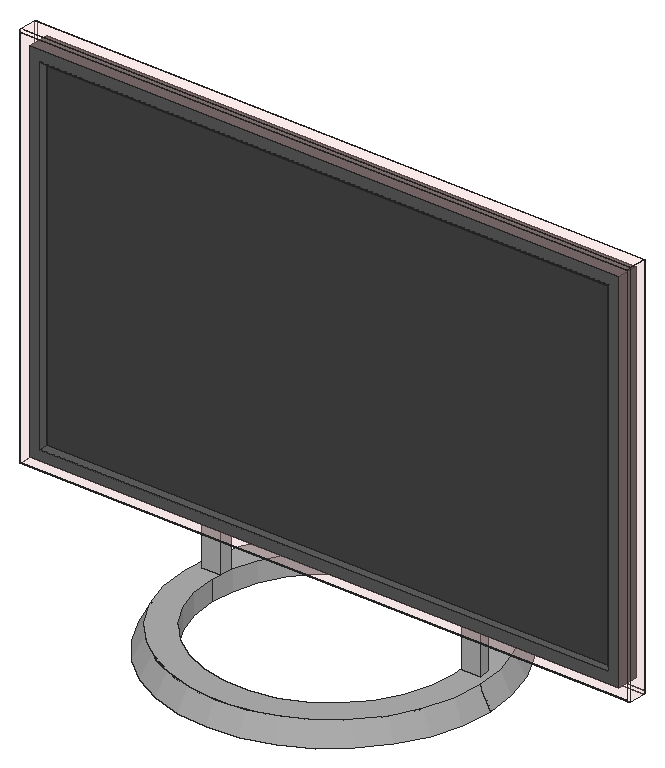
Revit family
Parameters
  폭 = 580 mm
  모니터 높이 [instance] = 370 mm
  높이 = 430 mm
  깊이 = 20 mm
  Assembly Code = ""
Reference planes
  plane 1 "Center (Front/Back)": y = 0
  plane 2: z = 0
  plane 3 "Center (Left/Right)": x = 0
  plane 4 "left": x = -290
  plane 5 "right": x = 290
  plane 6 "front": y = -10
  plane 7 "back": y = 10
  plane 8 "top": z = 430
  plane 9 "모니터 하부": z = 60
  plane 10: y = 150
  plane 11: y = -150
Forms (mm)
  Sweep 1, solid, material "띠장"
    path origin (0, 0, 0) x (1, 0, 0) y (0, 0, 1)
      loop
        line (-290, 430) -> (-290, 60) -> (290, 60) -> (290, 430) -> (-290, 430)
    profile origin (0, 0, 430) x (0, 0, 1) y (0, -1, 0)
      loop
        line (-10, 10) -> (-10, -10) -> (-1.741, -10)
        arc (-1.741, -10) -> (-0.51, -9.49) -> (0, -8.259) r 1.741
        line (0, -8.259) -> (0, 8.259)
        arc (0, 8.259) -> (-0.51, 9.49) -> (-1.741, 10) r 1.741
        line (-1.741, 10) -> (-10, 10)
  Sweep 2, solid, material "프레임"
    path origin (0, 0, 0) x (1, 0, 0) y (0, 0, 1)
      loop
        line (-280, 420) -> (-280, 70) -> (280, 70) -> (280, 420) -> (-280, 420)
    profile origin (0, 0, 420) x (0, 0, 1) y (0, -1, 0)
      loop
        line (0, 10) -> (-10, 10) -> (-13.536, 6.464) -> (-13.536, -10) -> (-10, -10) -> (0, -10) -> (0, 10)
  Extrusion 3, solid, material "프레임"
    sketch origin (0, 10, 0) x (1, 0, 0) y (0, 0, 1)
      loop
        line (-266.464, 406.464) -> (-266.464, 83.536) -> (266.464, 83.536) -> (266.464, 406.464) -> (-266.464, 406.464)
    from 0 to 10
  Extrusion 4, solid, material "액정"
    sketch origin (0, 0, 0) x (1, 0, 0) y (0, 0, 1)
      loop
        line (-266.464, 406.464) -> (-266.464, 83.536) -> (266.464, 83.536) -> (266.464, 406.464) -> (-266.464, 406.464)
    from 0 to 6.464
  Blend 5, solid, material "받침"
    base sketch origin (0, 0, 0) x (1, 0, 0) y (0, 1, 0)
      loop
        circle (0, 0) r 150
    top sketch origin (0, 0, 0) x (1, 0, 0) y (0, 1, 0)
      loop
        circle (0, 0) r 140
    from 0 to 19.014
  Extrusion 6, void
    sketch origin (0, 0, 0) x (1, 0, 0) y (0, 1, 0)
      loop
        circle (0, 0) r 115
    from 0 to 19.014
  Sweep 7, solid, material "받침"
    path origin (0, 0, 0) x (1, 0, 0) y (0, 0, 1)
      loop
        line (115, 19.014) -> (115, 139.014) -> (-115, 139.014) -> (-115, 19.014)
    profile origin (115, 0, 79.014) x (-1, 0, 0) y (0, -1, 0)
      loop
        line (0.436, -10) -> (-17.49, -10)
        arc (-17.49, -10) -> (-16.907, -15.276) -> (-16.08, -20.52) r 115
        line (-16.08, -20.52) -> (1.845, -20.52)
        arc (1.845, -20.52) -> (1.019, -15.276) -> (0.436, -10) r 115
Cuts and joins
  Extrusion 6 cuts Sweep 1
  Extrusion 6 cuts Sweep 2
  Extrusion 6 cuts Extrusion 3
  Extrusion 6 cuts Extrusion 4
  Extrusion 6 cuts Blend 5
Dimensions and locks
  "깊이": plane 6 "front" to plane 7 "back"
  equal spacing: plane 6 "front", plane 1 "Center (Front/Back)", plane 7 "back"
  "높이": plane 8 "top" to level
  "폭": plane 4 "left" to plane 5 "right"
  equal spacing: plane 4 "left", plane 3 "Center (Left/Right)", plane 5 "right"
  "모니터 높이": plane 8 "top" to plane 9 "모니터 하부"
  equal spacing: plane 10, plane 1 "Center (Front/Back)", plane 11
  plane 10 to plane 11 = 300 mm
  aligned and locked: Sweep 1 sketch curve to plane 8 "top"
  aligned and locked: Sweep 1 sketch curve to plane 5 "right"
  aligned and locked: Sweep 2 sketch curve to Sweep 1  (x3)
  aligned and locked: Sweep 1 to Sweep 2 sketch curve
  aligned and locked: plane 7 "back" to Sweep 2 sketch curve
  aligned and locked: Sweep 2 sketch curve to plane 7 "back"
  aligned and locked: Extrusion 3 sketch curve to Sweep 2  (x3)
  aligned and locked: Sweep 2 to Extrusion 3 sketch curve
  aligned and locked: plane 1 "Center (Front/Back)" to Extrusion 3
  aligned and locked: Extrusion 3 to Sweep 2  (x2)
  aligned and locked: Extrusion 3 to plane 7 "back"
  aligned and locked: Extrusion 4 sketch curve to Sweep 2  (x3)
  aligned and locked: Sweep 2 to Extrusion 4 sketch curve
  aligned and locked: Extrusion 4 to plane 1 "Center (Front/Back)"
  aligned and locked: Extrusion 4 to Sweep 2  (x3)
  aligned and locked: cut or joined group of Blend 5, Extrusion 6 to Extrusion 6
  aligned and locked: Extrusion 6 to level
  aligned and locked: Sweep 7 sketch curve to cut or joined group of Blend 5, Extrusion 6
Automatic sketch dimensions
  plane 4 "left" to Sweep 1 sketch curve = 0 mm
  Sweep 1 sketch curve to plane 9 "모니터 하부" = 0 mm
  Sweep 1 sketch curve to profile plane = 0 mm
  profile plane to Sweep 1 sketch curve = 1.741 mm  (x2)
  Sweep 1 sketch curve to Sweep 1 sketch curve = 8.259 mm
  Sweep 1 sketch curve to plane 1 "Center (Front/Back)" = 10 mm
  plane 1 "Center (Front/Back)" to Sweep 1 sketch curve = 8.259 mm
  Sweep 2 sketch curve to plane 8 "top" = 10 mm
  plane 4 "left" to Sweep 2 sketch curve = 10 mm
  profile plane to Sweep 2 sketch curve = 10 mm  (x2)
  plane 1 "Center (Front/Back)" to Sweep 2 sketch curve = 6.464 mm
  Sweep 2 sketch curve to Sweep 2 sketch curve = 3.536 mm
  Blend 5 sketch curve to plane 1 "Center (Front/Back)" = 0 mm  (x2)
  Blend 5 sketch curve to plane 3 "Center (Left/Right)" = 0 mm  (x2)
  Extrusion 6 sketch curve to plane 1 "Center (Front/Back)" = 0 mm
  Extrusion 6 sketch curve to plane 3 "Center (Left/Right)" = 0 mm
  Sweep 7 sketch curve to plane 3 "Center (Left/Right)" = 115 mm
  level to Sweep 7 sketch curve = 19.014 mm  (x2)
  plane 9 "모니터 하부" to Sweep 7 sketch curve = 79.014 mm
  plane 3 "Center (Left/Right)" to Sweep 7 sketch curve = 115 mm
  Sweep 7 sketch curve to plane 1 "Center (Front/Back)" = 0 mm
  Sweep 7 sketch curve to profile plane = 1.845 mm
  Sweep 7 sketch curve to profile plane = 0.436 mm
  profile plane to Sweep 7 sketch curve = 16.08 mm
  Sweep 7 sketch curve to Sweep 7 sketch curve = 1.41 mm
  radius of Blend 5 sketch curve = 150 mm
  radius of Blend 5 sketch curve = 140 mm
  radius of Extrusion 6 sketch curve = 115 mm
